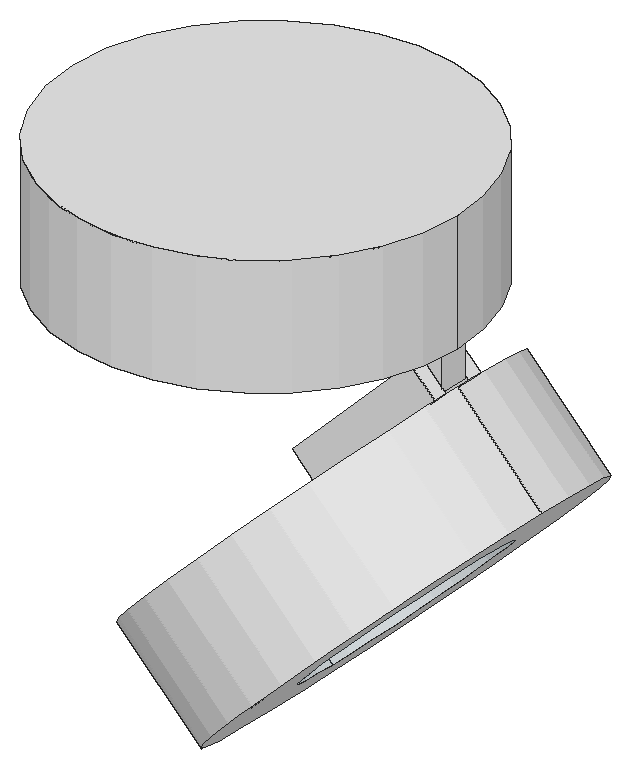
Revit family "MONA-SURFACE", category Осветительные приборы, Revit 2017
Family settings
  Размер круглого соединителя = Использовать диаметр
  Тип детали = Нормальный
  На основе рабочей плоскости = Нет
  Всегда вертикально = Да
  При загрузке вырезать с полостями = Нет
  Источник света = Нет
  Общий = Нет
  Точка расчета площади = Нет
Parameters (values of type "025438 Светильник SP-MONA-SURFACE-R100-12W White5000 (WH, 24 deg)")
  Цветовая температура (К) = "5000"
  Фотометрия = MONA-SURFACE IES Data : 025438_SP-MONA-SURFACE-R100-12W White5000 (WH, 24 deg)
  Угол поворота [instance] = 45.00°
  Угол [instance] = if(or(Угол поворота < 1.00°, Угол поворота > 90.00°), 45.00°, Угол поворота)  # 45.00°
  Разработчик (телефон) = "+7 (495) 781-05-35"  # constant formula
  Разработчик (e-mail) = "info@constructor.ru"  # constant formula
  Разработчик (URL) = "https://constructor.ru/"  # constant formula
  Разработчик = "НТЦ Конструктор"  # constant formula
  Контакты ООО "Арлайт РУС" для получения счёта = "roman@transistor.ru, T +7 495 926 56 50 (доб.1115), моб. +7 (925) 871-32-07"  # constant formula
  Исходная интенсивность (лм) = "800"
  Изготовитель (телефон) = "8 800 505 26 29"  # constant formula
  Изготовитель (сайт) = "www.arlight.ru"  # constant formula
  Закрытый [instance] = Угол поворота = 0.00°  # no
  Полная установленная мощность = ADSK_Номинальная мощность / ADSK_Коэффициент мощности  # 22.6415 VA
  Описание = "Накладной откидной поворотный светильник 12 Вт. Цвет БЕЛЫЙ 5000K, св.поток 800лм, CRI(Ra)>90, угол свечения 24°, угол поворота 355°, угол наклона 90°. Корпус круглый, белый алюминий, IP40. Размер DxH Ø100x71 мм. Питание AC 220-240V, 12 Вт, драйвер встроенный (DC 300mA, 25-42V)"
  Комментарии к типоразмеру = "Арт. 025438"
  Изготовитель = "ARLIGHT"  # constant formula
  Группа модели = "Светильники"  # constant formula
  URL = "https://arlight.ru/catalog/product/svetilnik-sp-mona-surface-r100-12w-white5000-wh-24-deg-025438/"
  ARL_Цвет свечения = "Дневной 5000K"
  ARL_Цвет покрытия = "Белый"
  ARL_Угол обзора = "24°"
  ARL_Тип товара = "Светильник"
  ARL_Способ монтажа = "Накладной"
  ARL_Серия = "MONA"
  ARL_Рабочая температура окружающей среды = "-10...+50 °C"
  ARL_Обозначение корпуса = "Корпус круглый, алюминий, цвет белый"
  ARL_Область использования = "Для освещения в квартирах, офисах, музеях, магазинах с высокими требованиями к качеству света"
  ARL_Материал корпуса = Металл, белый
  ARL_Класс пылевлагозащиты = "IP40"
  ARL_Класс защиты от поражения электрическим током = "II"
  ARL_Индекс цветопередачи = ">90"
  ARL_Драйвер = "Встроенный (DC 300mA, 25-42V)"
  ADSK_Ток = ADSK_Номинальная мощность / (ADSK_Коэффициент мощности * ADSK_Напряжение * sqrt(ADSK_Количество фаз числовое))  # 0.0984413 A
  ADSK_Размер_Диаметр = 100 mm
  ADSK_Размер_Высота = 71 mm
  ADSK_Примечание = ""
  ADSK_Полная мощность = ADSK_Номинальная мощность / ADSK_Коэффициент мощности  # 22.6415 VA
  ADSK_Позиция = ""
  ADSK_Номинальная мощность = 12 W
  ADSK_Напряжение = 230 V
  ADSK_Наименование = "Светильник"
  ADSK_Масса_Текст = "0.674"
  ADSK_Марка = "SP-MONA-SURFACE-R100-12W White5000"
  ADSK_Коэффициент мощности = 0.53
  ADSK_Количество фаз числовое = 1
  ADSK_Количество фаз = 1
  ADSK_Код изделия = Комментарии к типоразмеру  # "Арт. 025438"
  ADSK_Классификация нагрузок = Освещение
  ADSK_Завод-изготовитель = Изготовитель  # "ARLIGHT"
  ADSK_Единица измерения = "шт."
  Поворот [instance] = not(Закрытый)  # yes
Types (6, lengths in mm): name | Цветовая температура (К) | Фотометрия | Описание | Комментарии к типоразмеру | URL | ARL_Цвет свечения | ARL_Цвет покрытия | ARL_Обозначение корпуса | ARL_Материал корпуса | ADSK_Марка | ADSK_Код изделия
  025438 Светильник SP-MONA-SURFACE-R100-12W White5000 (WH, 24 deg) | "5000" | MONA-SURFACE IES Data : 025438_SP-MONA-SURFACE-R100-12W White5000 (WH, 24 deg) | "Накладной откидной поворотный светильник 12 Вт. Цвет БЕЛЫЙ 5000K, св.поток 800лм, CRI(Ra)>90, угол свечения 24°, угол поворота 355°, угол наклона 90°. Корпус круглый, белый алюминий, IP40. Размер DxH Ø100x71 мм. Питание AC 220-240V, 12 Вт, драйвер встроенный (DC 300mA, 25-42V)" | "Арт. 025438" | "https://arlight.ru/catalog/product/svetilnik-sp-mona-surface-r100-12w-white5000-wh-24-deg-025438/" | "Дневной 5000K" | "Белый" | "Корпус круглый, алюминий, цвет белый" | Металл, белый | "SP-MONA-SURFACE-R100-12W White5000" | "Арт. 025438"
  025439 Светильник SP-MONA-SURFACE-R100-12W Day4000 (WH, 24 deg) | "4000" | MONA-SURFACE IES Data : 025439_SP-MONA-SURFACE-R100-12W Day4000 (WH, 24 deg) | "Накладной откидной поворотный светильник 12 Вт. Цвет ДНЕВНОЙ 4000K, св.поток 800лм, CRI(Ra)>90, угол свечения 24°, угол поворота 355°, угол наклона 90°. Корпус круглый, белый алюминий, IP40. Размер DxH Ø100x71 мм. Питание AC 220-240V, 12 Вт, драйвер встроенный (DC 300mA, 25-42V)" | "Арт. 025439" | "https://arlight.ru/catalog/product/svetilnik-sp-mona-surface-r100-12w-day4000-wh-24-deg-025439/" | "Дневной 4000K" | "Белый" | "Корпус круглый, алюминий, цвет белый" | Металл, белый | "SP-MONA-SURFACE-R100-12W Day4000" | "Арт. 025439"
  025440 Светильник SP-MONA-SURFACE-R100-12W Warm3000 (WH, 24 deg) | "3000" | MONA-SURFACE IES Data : 025440_SP-MONA-SURFACE-R100-12W Warm3000 (WH, 24 deg) | "Накладной откидной поворотный светильник 12 Вт. Цвет ТЕПЛЫЙ 3000K, св.поток 800лм, CRI(Ra)>90, угол свечения 24°, угол поворота 355°, угол наклона 90°. Корпус круглый, белый алюминий, IP40. Размер DxH Ø100x71 мм. Питание AC 220-240V, 12 Вт, драйвер встроенный (DC 300mA, 25-42V)" | "Арт. 025440" | "https://arlight.ru/catalog/product/svetilnik-sp-mona-surface-r100-12w-warm3000-wh-24-deg-025440/" | "Теплый 3000K" | "Белый" | "Корпус круглый, алюминий, цвет белый" | Металл, белый | "SP-MONA-SURFACE-R100-12W Warm3000" | "Арт. 025440"
  025441 Светильник SP-MONA-SURFACE-R100-12W White5000 (BK, 24 deg) | "5000" | MONA-SURFACE IES Data : 025441_SP-MONA-SURFACE-R100-12W White5000 (BK, 24 deg) | "Накладной откидной поворотный светильник 12 Вт. Цвет БЕЛЫЙ 5000K, св.поток 800лм, CRI(Ra)>90, угол свечения 24°, угол поворота 355°, угол наклона 90°. Корпус круглый, черный алюминий, IP40. Размер DxH Ø100x71 мм. Питание AC 220-240V, 12 Вт, драйвер встроенный (DC 300mA, 25-42V)" | "Арт. 025441" | "https://arlight.ru/catalog/product/svetilnik-sp-mona-surface-r100-12w-white5000-bk-24-deg-025441/" | "Дневной 5000K" | "Черный" | "Корпус круглый, алюминий, цвет черный" | Металл, чёрный | "SP-MONA-SURFACE-R100-12W White5000" | "Арт. 025441"
  025442 Светильник SP-MONA-SURFACE-R100-12W Day4000 (BK, 24 deg) | "4000" | MONA-SURFACE IES Data : 025442_SP-MONA-SURFACE-R100-12W Day4000 (BK, 24 deg) | "Накладной откидной поворотный светильник 12 Вт. Цвет ДНЕВНОЙ 4000K, св.поток 800лм, CRI(Ra)>90, угол свечения 24°, угол поворота 355°, угол наклона 90°. Корпус круглый, черный алюминий, IP40. Размер DxH Ø100x71 мм. Питание AC 220-240V, 12 Вт, драйвер встроенный (DC 300mA, 25-42V)" | "Арт. 025442" | "https://arlight.ru/catalog/product/svetilnik-sp-mona-surface-r100-12w-day4000-bk-24-deg-025442/" | "Дневной 4000K" | "Черный" | "Корпус круглый, алюминий, цвет черный" | Металл, чёрный | "SP-MONA-SURFACE-R100-12W Day4000" | "Арт. 025442"
  025443 Светильник SP-MONA-SURFACE-R100-12W Warm3000 (BK, 24 deg) | "3000" | MONA-SURFACE IES Data : 025443_SP-MONA-SURFACE-R100-12W Warm3000 (BK, 24 deg) | "Накладной откидной поворотный светильник 12 Вт. Цвет ТЕПЛЫЙ 3000K, св.поток 800лм, CRI(Ra)>90, угол свечения 24°, угол поворота 355°, угол наклона 90°. Корпус круглый, черный алюминий, IP40. Размер DxH Ø100x71 мм. Питание AC 220-240V, 12 Вт, драйвер встроенный (DC 300mA, 25-42V)" | "Арт. 025443" | "https://arlight.ru/catalog/product/svetilnik-sp-mona-surface-r100-12w-warm3000-bk-24-deg-025443/" | "Теплый 3000K" | "Черный" | "Корпус круглый, алюминий, цвет черный" | Металл, чёрный | "SP-MONA-SURFACE-R100-12W Warm3000" | "Арт. 025443"
Reference planes
  plane 1 "По центру (Вперед/Назад)": y = 0
  plane 2: z = 0
  plane 3 "По центру (Влево/Вправо)": x = 0
  plane 4: x = -50
  plane 5: x = 50
  plane 6: y = 50
  plane 7: y = -50
  plane 8: z = -71
  plane 9: through (50, -1524, -40) normal (-0.7071, 0, 0.7071)
  plane 10: z = -40
Forms (mm)
  Extrusion 1, solid, material "Металл, белый" <- "ARL_Материал корпуса", detail levels medium+fine
    sketch origin (0, 0, 0) x (1, 0, 0) y (0, 1, 0)
      loop
        circle (0, 0) r 50
    from 0 to -31
  Extrusion 2, solid, material "Металл, белый" <- "ARL_Материал корпуса", visible <- "Закрытый", detail levels medium+fine
    sketch origin (0, 0, 0) x (1, 0, 0) y (0, 1, 0)
      loop
        circle (0, 0) r 50
    from -71 to -40
  Extrusion 3, void
    sketch origin (0, 0, 0) x (1, 0, 0) y (0, 1, 0)
      loop
        circle (0, 0) r 27
    from -71 to -65
  Extrusion 4, solid, material "Металл, белый" <- "ARL_Материал корпуса", visible <- "Поворот", detail levels medium+fine
    sketch origin (50, -1524, -40) x (-0.707107, 0, -0.707107) y (0, -1, 0)
      loop
        line (0, -1531.5) -> (43.189, -1531.5) -> (43.189, -1516.5) -> (0, -1516.5) -> (0, -1531.5)
    from 0 to 9
  Extrusion 5, solid, material "Металл, белый" <- "ARL_Материал корпуса", detail levels medium+fine
    sketch origin (-1, 0, 0) x (1, 0, 0) y (0, 1, 0)
      loop
        line (50, 3.75) -> (23, 3.75) -> (23, -3.75) -> (50, -3.75) -> (50, 3.75)
    from -40 to -31
  Extrusion 6, solid, material "Металл, белый" <- "ARL_Материал корпуса", visible <- "Поворот", detail levels medium+fine
    sketch origin (50, -1524, -40) x (-0.707107, 0, -0.707107) y (0, -1, 0)
      loop
        circle (50, -1524) r 50
    from -31 to 0
  Extrusion 7, solid, material "Стекло", visible <- "Закрытый", detail levels fine
    sketch origin (0, 0, 0) x (1, 0, 0) y (0, 1, 0)
      loop
        circle (0, 0) r 27
    from -71 to -65
  Extrusion 8, solid, material "Стекло", visible <- "Поворот", detail levels fine
    sketch origin (50, -1524, -40) x (-0.707107, 0, -0.707107) y (0, -1, 0)
      loop
        circle (50, -1524) r 27
    from -31 to -25
  Extrusion 9, void
    sketch origin (50, -1524, -40) x (-0.707107, 0, -0.707107) y (0, -1, 0)
      loop
        line (0, -1527.75) -> (27, -1527.75) -> (27, -1520.25) -> (0, -1520.25) -> (0, -1527.75)
    from 0 to 9
  Extrusion 10, void
    sketch origin (50, -1524, -40) x (0.707107, 0, 0.707107) y (0, -1, 0)
      loop
        circle (-50, -1524) r 27
    from 25 to 31
  Extrusion 11, solid, material "Металл, белый" <- "ARL_Материал корпуса", detail levels coarse
    sketch origin (0, 0, 0) x (1, 0, 0) y (0, 1, 0)
      loop
        circle (0, 0) r 50
    from 0 to -31
  Extrusion 12, solid, material "Металл, белый" <- "ARL_Материал корпуса", visible <- "Закрытый", detail levels coarse
    sketch origin (0, 0, 0) x (1, 0, 0) y (0, 1, 0)
      loop
        circle (0, 0) r 50
    from -71 to -40
  Extrusion 13, solid, material "Металл, белый" <- "ARL_Материал корпуса", visible <- "Поворот", detail levels coarse
    sketch origin (50, -1524, -40) x (-0.707107, 0, -0.707107) y (0, -1, 0)
      loop
        circle (50, -1524) r 50
    from -31 to 0
Cuts and joins
  Extrusion 3 cuts Extrusion 2
  Extrusion 9 cuts Extrusion 4
  Extrusion 10 cuts Extrusion 6
Dimensions and locks
  equal spacing: plane 6, plane 1 "По центру (Вперед/Назад)", plane 7
  "ADSK_Размер_Диаметр": plane 6 to plane 7
  equal spacing: plane 4, plane 3 "По центру (Влево/Вправо)", plane 5
  "ADSK_Размер_Диаметр": plane 4 to plane 5
  "ADSK_Размер_Высота": plane 2 to plane 8
  "ADSK_Размер_Диаметр": diameter of Extrusion 1 sketch curve
  "ADSK_Размер_Диаметр": diameter of Extrusion 11 sketch curve
  "Угол": angle plane 10 to plane 9
  aligned and locked: level to plane 2
  aligned and locked: Extrusion 7 to plane 8
Automatic sketch dimensions
  Extrusion 2 sketch curve to Extrusion 2 sketch curve = 0 mm  (x2)
  plane 1 "По центру (Вперед/Назад)" to Extrusion 2 sketch curve = 0 mm
  Extrusion 2 sketch curve to plane 4 = 0 mm
  Extrusion 2 sketch curve to plane 3 "По центру (Влево/Вправо)" = 0 mm
  plane 1 "По центру (Вперед/Назад)" to Extrusion 3 sketch curve = 0 mm
  Extrusion 3 sketch curve to plane 3 "По центру (Влево/Вправо)" = 0 mm
  plane 1 "По центру (Вперед/Назад)" to Extrusion 4 sketch curve = 7.5 mm
  Extrusion 4 sketch curve to Extrusion 4 sketch curve = 43.189 mm
  Extrusion 4 sketch curve to plane 1 "По центру (Вперед/Назад)" = 7.5 mm
  Extrusion 5 sketch curve to plane 1 "По центру (Вперед/Назад)" = 3.75 mm
  plane 3 "По центру (Влево/Вправо)" to Extrusion 5 sketch curve = 22 mm
  Extrusion 5 sketch curve to plane 5 = 1 mm
  plane 1 "По центру (Вперед/Назад)" to Extrusion 5 sketch curve = 3.75 mm
  plane 1 "По центру (Вперед/Назад)" to Extrusion 6 sketch curve = 0 mm
  Extrusion 7 sketch curve to Extrusion 7 sketch curve = 0 mm  (x2)
  plane 1 "По центру (Вперед/Назад)" to Extrusion 7 sketch curve = 0 mm
  Extrusion 7 sketch curve to plane 3 "По центру (Влево/Вправо)" = 0 mm
  plane 4 to Extrusion 7 sketch curve = 23 mm
  Extrusion 8 sketch curve to Extrusion 8 sketch curve = 0 mm  (x2)
  plane 1 "По центру (Вперед/Назад)" to Extrusion 8 sketch curve = 0 mm
  Extrusion 8 sketch curve to Extrusion 8 sketch curve = 27 mm
  plane 1 "По центру (Вперед/Назад)" to Extrusion 9 sketch curve = 3.75 mm
  Extrusion 9 sketch curve to Extrusion 9 sketch curve = 27 mm
  Extrusion 9 sketch curve to plane 1 "По центру (Вперед/Назад)" = 3.75 mm
  Extrusion 10 sketch curve to Extrusion 10 sketch curve = 0 mm  (x2)
  Extrusion 10 sketch curve to plane 1 "По центру (Вперед/Назад)" = 0 mm
  Extrusion 10 sketch curve to Extrusion 10 sketch curve = 27 mm
  Extrusion 12 sketch curve to Extrusion 12 sketch curve = 0 mm  (x2)
  plane 1 "По центру (Вперед/Назад)" to Extrusion 12 sketch curve = 0 mm
  Extrusion 12 sketch curve to plane 4 = 0 mm
  Extrusion 12 sketch curve to plane 3 "По центру (Влево/Вправо)" = 0 mm
  plane 1 "По центру (Вперед/Назад)" to Extrusion 13 sketch curve = 0 mm
  plane 1 "По центру (Вперед/Назад)" to Extrusion 1 sketch curve = 0 mm
  Extrusion 1 sketch curve to plane 3 "По центру (Влево/Вправо)" = 0 mm
  plane 1 "По центру (Вперед/Назад)" to Extrusion 11 sketch curve = 0 mm
  Extrusion 11 sketch curve to plane 3 "По центру (Влево/Вправо)" = 0 mm
  radius of Extrusion 3 sketch curve = 27 mm
  radius of Extrusion 6 sketch curve = 50 mm
  radius of Extrusion 13 sketch curve = 50 mm
Nested families
  nested 1: "УГО" at (0, 0, 0), type "УГО", detail levels coarse
  nested 2: "MONA-SURFACE IES Data" at (36.538, 0, -97.303) x (-0.7071, 0, -0.7071) z (-0.7071, 0, 0.7071), visible <- "Поворот", type "025439_SP-MONA-SURFACE-R100-12W Day4000 (WH, 24 deg)"
  nested 3: "MONA-SURFACE IES Data" at (-0.157, 0, -71), visible <- "Закрытый", type "025439_SP-MONA-SURFACE-R100-12W Day4000 (WH, 24 deg)"
Connectors
  electrical at (0, 0, 0), driven by "ADSK_Напряжение", driven by "ADSK_Полная мощность", driven by "ADSK_Коэффициент мощности", driven by "ADSK_Количество фаз", driven by "ADSK_Классификация нагрузок"
    settings: on Extrusion 1, index 1, voltage 230 V, apparent load 22.6415 VA, apparent load phase1 0 VA, apparent load phase2 0 VA, apparent load phase3 0 VA, power factor 0.53, load classification "Освещение", number of poles 1, system type 30, power factor state 1, is connector primary yes, connector utility no, sub classification motor no, connector description ""
Definition of nested family "УГО"
  Reference planes
    plane 1: y = 0
    plane 2: x = 0
  Lines and regions (mm)
    detail lines
      curve 1: circle (0, 0, 0) r 2.462 normal (0, 0, 1)
      curve 2: line (1, 2.25, 0) -> (1, -2.25, 0)
      curve 3: line (-1, 2.25, 0) -> (-1, -2.25, 0)
Definition of nested family "MONA-SURFACE IES Data"
  Parameters (values of type "025443_SP-MONA-SURFACE-R100-12W Warm3000 (BK, 24 deg)")
    Wattage = 5.38575 W
    built-in parameter 1150110 = 1 (stored number, unit not read)
    built-in parameter 1114217 = 1 (stored number, unit not read)
    Tilt Angle = 90.00°
    built-in parameter 1150109 = 1 (stored number, unit not read)
    built-in parameter 1150134 = (empty or 0)
    built-in parameter 1150113 = 1 (stored number, unit not read)
    Photometric Web File = "025443_SP-MONA-SURFACE-R100-12W Warm3000 (BK, 24 deg).ies"
    Model = ""
    Manufacturer = "ARLIGHT"
    built-in parameter 1150105 = 2884.7 (stored number, unit not read)
    Lumens = 800 lm
    built-in parameter 1150115 = 1 (stored number, unit not read)
    built-in parameter 1150137 = (empty or 0)
    built-in parameter 1150139 = (empty or 0)
    built-in parameter 1150112 = 1 (stored number, unit not read)
    built-in parameter 1150114 = 1 (stored number, unit not read)
    Lamp = ""
    built-in parameter 1150132 = 2
    built-in parameter 1150102 = (empty or 0)
    built-in parameter 1150107 = 3000 (stored number, unit not read)
    built-in parameter 1150138 = (empty or 0)
    built-in parameter 1150106 = 28.847 (stored number, unit not read)
    Emit from Circle Diameter = 54 mm
    Emit Shape Visible in Rendering = no
    built-in parameter 1150104 = 13.8 (stored number, unit not read)
    Dimming Lamp Color Temperature Shift = (empty or 0)
    Description = ""
    Default Elevation = 0 mm
    Content Creator = ""
    Color Filter = 16777215
    built-in parameter 1114218 = 1 (stored number, unit not read)
    built-in parameter 1150133 = 10 (stored number, unit not read)
    Apparent Load = 0 VA
  Types (6, lengths in mm): name | built-in parameter 1150134 | Photometric Web File | built-in parameter 1150107
    025439_SP-MONA-SURFACE-R100-12W Day4000 (WH, 24 deg) | 12 | "025439_SP-MONA-SURFACE-R100-12W Day4000 (WH, 24 deg).ies" | 4000 (stored number, unit not read)
    025438_SP-MONA-SURFACE-R100-12W White5000 (WH, 24 deg) | 2 | "025438_SP-MONA-SURFACE-R100-12W White5000 (WH, 24 deg).ies" | 5000 (stored number, unit not read)
    025440_SP-MONA-SURFACE-R100-12W Warm3000 (WH, 24 deg) | (empty or 0) | "025440_SP-MONA-SURFACE-R100-12W Warm3000 (WH, 24 deg).ies" | 3000 (stored number, unit not read)
    025441_SP-MONA-SURFACE-R100-12W White5000 (BK, 24 deg) | 2 | "025441_SP-MONA-SURFACE-R100-12W White5000 (BK, 24 deg).ies" | 5000 (stored number, unit not read)
    025443_SP-MONA-SURFACE-R100-12W Warm3000 (BK, 24 deg) | (empty or 0) | "025443_SP-MONA-SURFACE-R100-12W Warm3000 (BK, 24 deg).ies" | 3000 (stored number, unit not read)
    025442_SP-MONA-SURFACE-R100-12W Day4000 (BK, 24 deg) | 12 | "025442_SP-MONA-SURFACE-R100-12W Day4000 (BK, 24 deg).ies" | 4000 (stored number, unit not read)
  Reference planes
    plane 1 "Center (Front/Back)": y = 0
    plane 2: z = 0
    plane 3 "Center (Left/Right)": x = 0
  Forms (mm)
    Extrusion 1, solid
      sketch origin (0, 0, 0) x (1, 0, 0) y (0, 1, 0)
        loop
          line (-1219.2, 1219.2) -> (-1219.2, -1219.2) -> (1219.2, -1219.2) -> (1219.2, 1219.2) -> (-1219.2, 1219.2)
      from 0 to 123.942
  Dimensions and locks
    aligned and locked: plane 2 to Extrusion 1
    aligned and locked: level to Extrusion 1
